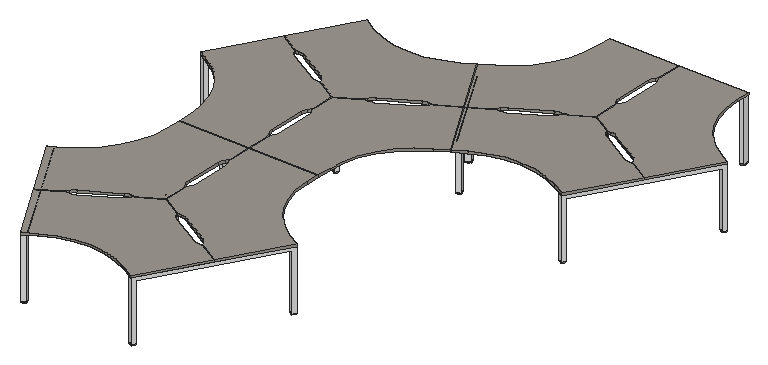
Revit family "120 Degree 9 User Symmetrical Workstation", category Furniture, Revit 2016
Family settings
  OmniClass Number = 23.40.20.00
  OmniClass Title = General Furniture and Specialties
  Work Plane-Based = No
  Always vertical = Yes
  Cut with Voids When Loaded = No
  Shared = No
  Room Calculation Point = No
Parameters
  URL = "www.gof.co.uk"
  Type Comments = ""
  Range = "MESA"
  Product Code = "MESWC1208-9"
  Desktop = Gresham - Nordic Ash
  Model = ""
  Manufacturer = "Gresham Office Furniture"  # constant formula
  Frame = Gresham - Black Metal
  Foot = Gresham - Black Plastic
  Assembly Code = "E2020200"
Reference planes
  plane 1 "Center (Front/Back)": y = 588.013
  plane 2: z = 0
  plane 3 "Center (Left/Right)": x = 0
  plane 4 "Desktop Underside": z = 702
  plane 5 "Foot": z = 10
  plane 6: y = 1788.013
  plane 7: y = -704.808
  plane 8: x = 1439.23
  plane 9: x = -1439.23
Forms (mm)
  Extrusion 1, solid, material "Gresham - Nordic Ash" <- "Desktop"
    sketch origin (-2813.985, 1941.512, 702) x (-1, 0, 0) y (0, -1, 0)
      loop
        line (-3030.492, 1478.5) -> (-2813.985, 1353.5) -> (-2597.479, 1478.5)
        arc (-2597.479, 1478.5) -> (-2568.541, 1501.862) -> (-2548.146, 1532.963) r 120
        arc (-2548.146, 1532.963) -> (-2527.751, 1564.064) -> (-2498.813, 1587.426) r 120
        line (-2498.813, 1587.426) -> (-2134.927, 1797.516)
        arc (-2134.927, 1797.516) -> (-2100.226, 1810.895) -> (-2063.094, 1813.008) r 120
        arc (-2063.094, 1813.008) -> (-2025.963, 1815.12) -> (-1991.261, 1828.5) r 120
        line (-1991.261, 1828.5) -> (-1774.755, 1953.5) -> (-2174.755, 2646.32) -> (-2313.985, 2565.935)
        arc (-2313.985, 2565.935) -> (-2813.985, 2431.961) -> (-3313.985, 2565.935) r 1000
        line (-3313.985, 2565.935) -> (-3453.216, 2646.32) -> (-3853.216, 1953.5) -> (-3636.709, 1828.5)
        arc (-3636.709, 1828.5) -> (-3602.008, 1815.12) -> (-3564.876, 1813.008) r 120
        arc (-3564.876, 1813.008) -> (-3527.745, 1810.895) -> (-3493.043, 1797.516) r 120
        line (-3493.043, 1797.516) -> (-3129.158, 1587.426)
        arc (-3129.158, 1587.426) -> (-3100.22, 1564.064) -> (-3079.825, 1532.963) r 120
        arc (-3079.825, 1532.963) -> (-3059.43, 1501.862) -> (-3030.492, 1478.5) r 120
    from 0 to 25
  Sweep 2, solid, material "Gresham - Black Metal" <- "Frame"
    path in 3D
      loop
        line (-785.104, -327.147, 702) -> (0, 126.132, 702) -> (785.104, -327.147, 702)
    profile origin (-392.552, -100.507, 702) x (-0.5, 0.866025, 0) y (0, 0, 1)
      loop
        line (20, 0) -> (-20, 0) -> (-20, -40) -> (20, -40) -> (20, 0)
  Extrusion 3, solid, material "Gresham - Black Metal" <- "Frame"
    sketch origin (48.06, 60.47, 702) x (-1, 0, 0) y (0, -1, 0)
      loop
        line (28.06, -457.543) -> (68.06, -457.543) -> (68.06, -417.543) -> (28.06, -417.543) -> (28.06, -457.543)
    from -692 to -3
  Extrusion 4, solid, material "Gresham - Black Metal" <- "Frame"
    sketch origin (0, 0, 702) x (-1, 0, 0) y (0, -1, 0)
      loop
        line (8.66, -548.013) -> (47.631, -480.513)
        arc (47.631, -480.513) -> (47.631, -470.513) -> (38.971, -465.513) r 10
        line (38.971, -465.513) -> (-38.971, -465.513)
        arc (-38.971, -465.513) -> (-47.631, -470.513) -> (-47.631, -480.513) r 10
        line (-47.631, -480.513) -> (-8.66, -548.013)
        arc (-8.66, -548.013) -> (0, -553.013) -> (8.66, -548.013) r 10
    from 0 to -3
  Extrusion 5, solid, material "Gresham - Black Plastic" <- "Foot"
    sketch origin (0, 0, 10) x (-1, 0, 0) y (0, -1, 0)
      loop
        line (-20, -518.013) -> (20, -518.013) -> (20, -478.013) -> (-20, -478.013) -> (-20, -518.013)
    from 0 to -5
  Extrusion 6, solid, material "Gresham - Black Plastic" <- "Foot"
    sketch origin (0, 0, 10) x (-1, 0, 0) y (0, -1, 0)
      loop
        circle (0, -498.013) r 18
    from -5 to -10
  Extrusion 7, solid, material "Gresham - Nordic Ash" <- "Desktop"
    sketch origin (2579.158, 2348.246, 702) x (0.5, 0.866025, 0) y (-0.866025, 0.5, 0)
      loop
        line (-3030.492, 1478.5) -> (-2813.985, 1353.5) -> (-2597.479, 1478.5)
        arc (-2597.479, 1478.5) -> (-2568.541, 1501.862) -> (-2548.146, 1532.963) r 120
        arc (-2548.146, 1532.963) -> (-2527.751, 1564.064) -> (-2498.813, 1587.426) r 120
        line (-2498.813, 1587.426) -> (-2134.927, 1797.516)
        arc (-2134.927, 1797.516) -> (-2100.226, 1810.895) -> (-2063.094, 1813.008) r 120
        arc (-2063.094, 1813.008) -> (-2025.963, 1815.12) -> (-1991.261, 1828.5) r 120
        line (-1991.261, 1828.5) -> (-1774.755, 1953.5) -> (-2174.755, 2646.32) -> (-2313.985, 2565.935)
        arc (-2313.985, 2565.935) -> (-2813.985, 2431.961) -> (-3313.985, 2565.935) r 1000
        line (-3313.985, 2565.935) -> (-3453.216, 2646.32) -> (-3853.216, 1953.5) -> (-3636.709, 1828.5)
        arc (-3636.709, 1828.5) -> (-3602.008, 1815.12) -> (-3564.876, 1813.008) r 120
        arc (-3564.876, 1813.008) -> (-3527.745, 1810.895) -> (-3493.043, 1797.516) r 120
        line (-3493.043, 1797.516) -> (-3129.158, 1587.426)
        arc (-3129.158, 1587.426) -> (-3100.22, 1564.064) -> (-3079.825, 1532.963) r 120
        arc (-3079.825, 1532.963) -> (-3059.43, 1501.862) -> (-3030.492, 1478.5) r 120
    from 0 to 25
  Sweep 8, solid, material "Gresham - Black Metal" <- "Frame"
    path in 3D
      loop
        line (-400, 1758.013, 702) -> (-400, 818.953, 702) -> (-1185.104, 365.673, 702)
    profile origin (-400, 1288.483, 702) x (1, 0, 0) y (0, 0, 1)
      loop
        line (20, 0) -> (-20, 0) -> (-20, -40) -> (20, -40) -> (20, 0)
  Extrusion 9, solid, material "Gresham - Black Metal" <- "Frame"
    sketch origin (-480.895, 810.163, 702) x (0.5, 0.866025, 0) y (-0.866025, 0.5, 0)
      loop
        line (28.06, -457.543) -> (68.06, -457.543) -> (68.06, -417.543) -> (28.06, -417.543) -> (28.06, -457.543)
    from -692 to -3
  Extrusion 10, solid, material "Gresham - Black Metal" <- "Frame"
    sketch origin (-509.234, 882.019, 702) x (0.5, 0.866025, 0) y (-0.866025, 0.5, 0)
      loop
        line (8.66, -548.013) -> (47.631, -480.513)
        arc (47.631, -480.513) -> (47.631, -470.513) -> (38.971, -465.513) r 10
        line (38.971, -465.513) -> (-38.971, -465.513)
        arc (-38.971, -465.513) -> (-47.631, -470.513) -> (-47.631, -480.513) r 10
        line (-47.631, -480.513) -> (-8.66, -548.013)
        arc (-8.66, -548.013) -> (0, -553.013) -> (8.66, -548.013) r 10
    from 0 to -3
  Extrusion 11, solid, material "Gresham - Black Plastic" <- "Foot"
    sketch origin (-509.234, 882.019, 10) x (0.5, 0.866025, 0) y (-0.866025, 0.5, 0)
      loop
        line (-20, -518.013) -> (20, -518.013) -> (20, -478.013) -> (-20, -478.013) -> (-20, -518.013)
    from 0 to -5
  Extrusion 12, solid, material "Gresham - Black Plastic" <- "Foot"
    sketch origin (-509.234, 882.019, 10) x (0.5, 0.866025, 0) y (-0.866025, 0.5, 0)
      loop
        circle (0, -498.013) r 18
    from -5 to -10
  Extrusion 13, solid, material "Gresham - Nordic Ash" <- "Desktop"
    sketch origin (234.828, -2525.72, 702) x (0.5, -0.866025, 0) y (0.866025, 0.5, 0)
      loop
        line (-3030.492, 1478.5) -> (-2813.985, 1353.5) -> (-2597.479, 1478.5)
        arc (-2597.479, 1478.5) -> (-2568.541, 1501.862) -> (-2548.146, 1532.963) r 120
        arc (-2548.146, 1532.963) -> (-2527.751, 1564.064) -> (-2498.813, 1587.426) r 120
        line (-2498.813, 1587.426) -> (-2134.927, 1797.516)
        arc (-2134.927, 1797.516) -> (-2100.226, 1810.895) -> (-2063.094, 1813.008) r 120
        arc (-2063.094, 1813.008) -> (-2025.963, 1815.12) -> (-1991.261, 1828.5) r 120
        line (-1991.261, 1828.5) -> (-1774.755, 1953.5) -> (-2174.755, 2646.32) -> (-2313.985, 2565.935)
        arc (-2313.985, 2565.935) -> (-2813.985, 2431.961) -> (-3313.985, 2565.935) r 1000
        line (-3313.985, 2565.935) -> (-3453.216, 2646.32) -> (-3853.216, 1953.5) -> (-3636.709, 1828.5)
        arc (-3636.709, 1828.5) -> (-3602.008, 1815.12) -> (-3564.876, 1813.008) r 120
        arc (-3564.876, 1813.008) -> (-3527.745, 1810.895) -> (-3493.043, 1797.516) r 120
        line (-3493.043, 1797.516) -> (-3129.158, 1587.426)
        arc (-3129.158, 1587.426) -> (-3100.22, 1564.064) -> (-3079.825, 1532.963) r 120
        arc (-3079.825, 1532.963) -> (-3059.43, 1501.862) -> (-3030.492, 1478.5) r 120
    from 0 to 25
  Sweep 14, solid, material "Gresham - Black Metal" <- "Frame"
    path in 3D
      loop
        line (1185.104, 365.673, 702) -> (400, 818.953, 702) -> (400, 1758.013, 702)
    profile origin (792.552, 592.313, 702) x (-0.5, -0.866025, 0) y (0, 0, 1)
      loop
        line (20, 0) -> (-20, 0) -> (-20, -40) -> (20, -40) -> (20, 0)
  Extrusion 15, solid, material "Gresham - Black Metal" <- "Frame"
    sketch origin (432.835, 893.405, 702) x (0.5, -0.866025, 0) y (0.866025, 0.5, 0)
      loop
        line (28.06, -457.543) -> (68.06, -457.543) -> (68.06, -417.543) -> (28.06, -417.543) -> (28.06, -457.543)
    from -692 to -3
  Extrusion 16, solid, material "Gresham - Black Metal" <- "Frame"
    sketch origin (509.234, 882.019, 702) x (0.5, -0.866025, 0) y (0.866025, 0.5, 0)
      loop
        line (8.66, -548.013) -> (47.631, -480.513)
        arc (47.631, -480.513) -> (47.631, -470.513) -> (38.971, -465.513) r 10
        line (38.971, -465.513) -> (-38.971, -465.513)
        arc (-38.971, -465.513) -> (-47.631, -470.513) -> (-47.631, -480.513) r 10
        line (-47.631, -480.513) -> (-8.66, -548.013)
        arc (-8.66, -548.013) -> (0, -553.013) -> (8.66, -548.013) r 10
    from 0 to -3
  Extrusion 17, solid, material "Gresham - Black Plastic" <- "Foot"
    sketch origin (509.234, 882.019, 10) x (0.5, -0.866025, 0) y (0.866025, 0.5, 0)
      loop
        line (-20, -518.013) -> (20, -518.013) -> (20, -478.013) -> (-20, -478.013) -> (-20, -518.013)
    from 0 to -5
  Extrusion 18, solid, material "Gresham - Black Plastic" <- "Foot"
    sketch origin (509.234, 882.019, 10) x (0.5, -0.866025, 0) y (0.866025, 0.5, 0)
      loop
        circle (0, -498.013) r 18
    from -5 to -10
  Extrusion 19, solid, material "Gresham - Nordic Ash" <- "Desktop"
    sketch origin (-2813.985, 1941.512, 702) x (-1, 0, 0) y (0, -1, 0)
      loop
        arc (-3030.492, -1171.5) -> (-3059.43, -1194.863) -> (-3079.825, -1225.964) r 120
        arc (-3079.825, -1225.964) -> (-3100.22, -1257.064) -> (-3129.158, -1280.427) r 120
        line (-3129.158, -1280.427) -> (-3493.043, -1490.516)
        arc (-3493.043, -1490.516) -> (-3527.745, -1503.896) -> (-3564.876, -1506.008) r 120
        arc (-3564.876, -1506.008) -> (-3602.008, -1508.12) -> (-3636.709, -1521.5) r 120
        line (-3636.709, -1521.5) -> (-3853.216, -1646.5) -> (-3453.216, -2339.321) -> (-3313.985, -2258.936)
        arc (-3313.985, -2258.936) -> (-2813.985, -2124.961) -> (-2313.985, -2258.936) r 1000
        line (-2313.985, -2258.936) -> (-2174.755, -2339.321) -> (-1774.755, -1646.5) -> (-1991.261, -1521.5)
        arc (-1991.261, -1521.5) -> (-2025.963, -1508.12) -> (-2063.094, -1506.008) r 120
        arc (-2063.094, -1506.008) -> (-2100.226, -1503.896) -> (-2134.927, -1490.516) r 120
        line (-2134.927, -1490.516) -> (-2498.813, -1280.427)
        arc (-2498.813, -1280.427) -> (-2527.751, -1257.064) -> (-2548.146, -1225.964) r 120
        arc (-2548.146, -1225.964) -> (-2568.541, -1194.863) -> (-2597.479, -1171.5) r 120
        line (-2597.479, -1171.5) -> (-2813.985, -1046.5) -> (-3030.492, -1171.5)
    from 0 to 25
  Sweep 20, solid, material "Gresham - Black Metal" <- "Frame"
    path in 3D
      loop
        line (-785.104, 3903.173, 702) -> (0, 3449.893, 702) -> (813.25, 3919.423, 702)
    profile origin (-392.552, 3676.533, 702) x (0.5, 0.866025, 0) y (0, 0, 1)
      loop
        line (20, 0) -> (-20, 0) -> (-20, -40) -> (20, -40) -> (20, 0)
  Extrusion 21, solid, material "Gresham - Black Metal" <- "Frame"
    sketch origin (48.06, 60.47, 702) x (-1, 0, 0) y (0, -1, 0)
      loop
        line (28.06, -2997.543) -> (28.06, -3037.543) -> (68.06, -3037.543) -> (68.06, -2997.543) -> (28.06, -2997.543)
    from -692 to -3
  Extrusion 22, solid, material "Gresham - Black Metal" <- "Frame"
    sketch origin (0, 0, 702) x (-1, 0, 0) y (0, -1, 0)
      loop
        arc (8.66, -3028.013) -> (0, -3023.013) -> (-8.66, -3028.013) r 10
        line (-8.66, -3028.013) -> (-47.631, -3095.513)
        arc (-47.631, -3095.513) -> (-47.631, -3105.513) -> (-38.971, -3110.513) r 10
        line (-38.971, -3110.513) -> (38.971, -3110.513)
        arc (38.971, -3110.513) -> (47.631, -3105.513) -> (47.631, -3095.513) r 10
        line (47.631, -3095.513) -> (8.66, -3028.013)
    from 0 to -3
  Extrusion 23, solid, material "Gresham - Black Plastic" <- "Foot"
    sketch origin (0, 0, 10) x (-1, 0, 0) y (0, -1, 0)
      loop
        line (-20, -3058.013) -> (-20, -3098.013) -> (20, -3098.013) -> (20, -3058.013) -> (-20, -3058.013)
    from 0 to -5
  Extrusion 24, solid, material "Gresham - Black Plastic" <- "Foot"
    sketch origin (0, 0, 10) x (-1, 0, 0) y (0, -1, 0)
      loop
        circle (0, -3078.013) r 18
    from -5 to -10
  Sweep 25, solid, material "Gresham - Black Metal" <- "Frame"
    path in 3D
      loop
        line (-400, 1818.013, 702) -> (-400, 2757.073, 702) -> (-1185.104, 3210.353, 702)
    profile origin (-400, 2287.543, 702) x (-1, 0, 0) y (0, 0, 1)
      loop
        line (20, 0) -> (-20, 0) -> (-20, -40) -> (20, -40) -> (20, 0)
  Extrusion 26, solid, material "Gresham - Black Metal" <- "Frame"
    sketch origin (-480.895, 810.163, 702) x (0.5, 0.866025, 0) y (-0.866025, 0.5, 0)
      loop
        line (2075.899, 724.778) -> (2041.258, 744.778) -> (2021.258, 710.137) -> (2055.899, 690.137) -> (2075.899, 724.778)
    from -692 to -3
  Extrusion 27, solid, material "Gresham - Black Metal" <- "Frame"
    sketch origin (-509.234, 882.019, 702) x (0.5, 0.866025, 0) y (-0.866025, 0.5, 0)
      loop
        arc (2039.49, 624.487) -> (2048.15, 629.487) -> (2048.15, 639.487) r 10
        line (2048.15, 639.487) -> (2009.179, 706.987)
        arc (2009.179, 706.987) -> (2000.519, 711.987) -> (1991.858, 706.987) r 10
        line (1991.858, 706.987) -> (1952.887, 639.487)
        arc (1952.887, 639.487) -> (1952.887, 629.487) -> (1961.548, 624.487) r 10
        line (1961.548, 624.487) -> (2039.49, 624.487)
    from 0 to -3
  Extrusion 28, solid, material "Gresham - Black Plastic" <- "Foot"
    sketch origin (-509.234, 882.019, 10) x (0.5, 0.866025, 0) y (-0.866025, 0.5, 0)
      loop
        line (2027.839, 664.308) -> (1993.198, 684.308) -> (1973.198, 649.667) -> (2007.839, 629.667) -> (2027.839, 664.308)
    from 0 to -5
  Extrusion 29, solid, material "Gresham - Black Plastic" <- "Foot"
    sketch origin (-509.234, 882.019, 10) x (0.5, 0.866025, 0) y (-0.866025, 0.5, 0)
      loop
        circle (2000.519, 656.987) r 18
    from -5 to -10
  Sweep 30, solid, material "Gresham - Black Metal" <- "Frame"
    path in 3D
      loop
        line (1213.25, 3226.603, 702) -> (400, 2757.073, 702) -> (400, 1818.013, 702)
    profile origin (806.625, 2991.838, 702) x (0.5, -0.866025, 0) y (0, 0, 1)
      loop
        line (20, 0) -> (-20, 0) -> (-20, -40) -> (20, -40) -> (20, 0)
  Extrusion 31, solid, material "Gresham - Black Metal" <- "Frame"
    sketch origin (432.835, 893.405, 702) x (0.5, -0.866025, 0) y (0.866025, 0.5, 0)
      loop
        line (-1959.779, 690.137) -> (-1925.138, 710.137) -> (-1945.138, 744.778) -> (-1979.779, 724.778) -> (-1959.779, 690.137)
    from -692 to -3
  Extrusion 32, solid, material "Gresham - Black Metal" <- "Frame"
    sketch origin (509.234, 882.019, 702) x (0.5, -0.866025, 0) y (0.866025, 0.5, 0)
      loop
        arc (-2048.15, 639.487) -> (-2048.15, 629.487) -> (-2039.49, 624.487) r 10
        line (-2039.49, 624.487) -> (-1961.548, 624.487)
        arc (-1961.548, 624.487) -> (-1952.887, 629.487) -> (-1952.887, 639.487) r 10
        line (-1952.887, 639.487) -> (-1991.858, 706.987)
        arc (-1991.858, 706.987) -> (-2000.519, 711.987) -> (-2009.179, 706.987) r 10
        line (-2009.179, 706.987) -> (-2048.15, 639.487)
    from 0 to -3
  Extrusion 33, solid, material "Gresham - Black Plastic" <- "Foot"
    sketch origin (509.234, 882.019, 10) x (0.5, -0.866025, 0) y (0.866025, 0.5, 0)
      loop
        line (-2007.839, 629.667) -> (-1973.198, 649.667) -> (-1993.198, 684.308) -> (-2027.839, 664.308) -> (-2007.839, 629.667)
    from 0 to -5
  Extrusion 34, solid, material "Gresham - Black Plastic" <- "Foot"
    sketch origin (509.234, 882.019, 10) x (0.5, -0.866025, 0) y (0.866025, 0.5, 0)
      loop
        circle (-2000.519, 656.987) r 18
    from -5 to -10
  Extrusion 35, solid, material "Gresham - Nordic Ash" <- "Desktop"
    sketch origin (-2579.158, 1227.78, 702) x (-0.5, -0.866025, 0) y (0.866025, -0.5, 0)
      loop
        line (-3030.492, 1478.5) -> (-2813.985, 1353.5) -> (-2597.479, 1478.5)
        arc (-2597.479, 1478.5) -> (-2568.541, 1501.862) -> (-2548.146, 1532.963) r 120
        arc (-2548.146, 1532.963) -> (-2527.751, 1564.064) -> (-2498.813, 1587.426) r 120
        line (-2498.813, 1587.426) -> (-2134.927, 1797.516)
        arc (-2134.927, 1797.516) -> (-2100.226, 1810.895) -> (-2063.094, 1813.008) r 120
        arc (-2063.094, 1813.008) -> (-2025.963, 1815.12) -> (-1991.261, 1828.5) r 120
        line (-1991.261, 1828.5) -> (-1774.755, 1953.5) -> (-2174.755, 2646.32) -> (-2313.985, 2565.935)
        arc (-2313.985, 2565.935) -> (-2813.985, 2431.961) -> (-3313.985, 2565.935) r 1000
        line (-3313.985, 2565.935) -> (-3453.216, 2646.32) -> (-3853.216, 1953.5) -> (-3636.709, 1828.5)
        arc (-3636.709, 1828.5) -> (-3602.008, 1815.12) -> (-3564.876, 1813.008) r 120
        arc (-3564.876, 1813.008) -> (-3527.745, 1810.895) -> (-3493.043, 1797.516) r 120
        line (-3493.043, 1797.516) -> (-3129.158, 1587.426)
        arc (-3129.158, 1587.426) -> (-3100.22, 1564.064) -> (-3079.825, 1532.963) r 120
        arc (-3079.825, 1532.963) -> (-3059.43, 1501.862) -> (-3030.492, 1478.5) r 120
    from 0 to 25
  Extrusion 36, solid, material "Gresham - Nordic Ash" <- "Desktop"
    sketch origin (2579.158, 1227.78, 702) x (0.5, -0.866025, 0) y (0.866025, 0.5, 0)
      loop
        arc (-3030.492, -1478.5) -> (-3059.43, -1501.862) -> (-3079.825, -1532.963) r 120
        arc (-3079.825, -1532.963) -> (-3100.22, -1564.064) -> (-3129.158, -1587.426) r 120
        line (-3129.158, -1587.426) -> (-3493.043, -1797.516)
        arc (-3493.043, -1797.516) -> (-3527.745, -1810.895) -> (-3564.876, -1813.008) r 120
        arc (-3564.876, -1813.008) -> (-3602.008, -1815.12) -> (-3636.709, -1828.5) r 120
        line (-3636.709, -1828.5) -> (-3853.216, -1953.5) -> (-3453.216, -2646.32) -> (-3313.985, -2565.935)
        arc (-3313.985, -2565.935) -> (-2813.985, -2431.961) -> (-2313.985, -2565.935) r 1000
        line (-2313.985, -2565.935) -> (-2174.755, -2646.32) -> (-1774.755, -1953.5) -> (-1991.261, -1828.5)
        arc (-1991.261, -1828.5) -> (-2025.963, -1815.12) -> (-2063.094, -1813.008) r 120
        arc (-2063.094, -1813.008) -> (-2100.226, -1810.895) -> (-2134.927, -1797.516) r 120
        line (-2134.927, -1797.516) -> (-2498.813, -1587.426)
        arc (-2498.813, -1587.426) -> (-2527.751, -1564.064) -> (-2548.146, -1532.963) r 120
        arc (-2548.146, -1532.963) -> (-2568.541, -1501.862) -> (-2597.479, -1478.5) r 120
        line (-2597.479, -1478.5) -> (-2813.985, -1353.5) -> (-3030.492, -1478.5)
    from 0 to 25
  Extrusion 37, solid, material "Gresham - Nordic Ash" <- "Desktop"
    sketch origin (-2813.985, 1941.512, 702) x (-1, 0, 0) y (0, -1, 0)
      loop
        line (-4675.94, -2121.5) -> (-4892.446, -2246.5) -> (-4892.446, -2496.5)
        arc (-4892.446, -2496.5) -> (-4886.683, -2533.243) -> (-4869.946, -2566.456) r 120
        arc (-4869.946, -2566.456) -> (-4853.21, -2599.669) -> (-4847.446, -2636.411) r 120
        line (-4847.446, -2636.411) -> (-4847.446, -3056.59)
        arc (-4847.446, -3056.59) -> (-4853.21, -3093.332) -> (-4869.946, -3126.545) r 120
        arc (-4869.946, -3126.545) -> (-4886.683, -3159.758) -> (-4892.446, -3196.5) r 120
        line (-4892.446, -3196.5) -> (-4892.446, -3446.5) -> (-4092.446, -3446.5) -> (-4092.446, -3285.731)
        arc (-4092.446, -3285.731) -> (-3958.472, -2785.731) -> (-3592.446, -2419.705) r 1000
        line (-3592.446, -2419.705) -> (-3453.216, -2339.321) -> (-3853.216, -1646.5) -> (-4069.722, -1771.5)
        arc (-4069.722, -1771.5) -> (-4098.66, -1794.863) -> (-4119.055, -1825.964) r 120
        arc (-4119.055, -1825.964) -> (-4139.45, -1857.064) -> (-4168.388, -1880.427) r 120
        line (-4168.388, -1880.427) -> (-4532.274, -2090.516)
        arc (-4532.274, -2090.516) -> (-4566.975, -2103.896) -> (-4604.107, -2106.008) r 120
        arc (-4604.107, -2106.008) -> (-4641.238, -2108.12) -> (-4675.94, -2121.5) r 120
    from 0 to 25
  Sweep 38, solid, material "Gresham - Black Metal" <- "Frame"
    path in 3D
      loop
        line (1678.461, 5325.513, 702) -> (1678.461, 4418.953, 702) -> (865.211, 3949.423, 702)
    profile origin (1678.461, 4872.233, 702) x (1, 0, 0) y (0, 0, 1)
      loop
        line (20, 0) -> (-20, 0) -> (-20, -40) -> (20, -40) -> (20, 0)
  Extrusion 39, solid, material "Gresham - Black Metal" <- "Frame"
    sketch origin (48.06, 60.47, 702) x (-1, 0, 0) y (0, -1, 0)
      loop
        line (-1925.138, -4145.222) -> (-1945.138, -4145.222) -> (-1945.138, -4165.222) -> (-1925.138, -4165.222) -> (-1925.138, -4145.222)
    from -692 to -3
  Extrusion 40, solid, material "Gresham - Black Metal" <- "Frame"
    sketch origin (0, 0, 702) x (-1, 0, 0) y (0, -1, 0)
      loop
        line (-2048.15, -4175.013) -> (-2009.179, -4242.513)
        arc (-2009.179, -4242.513) -> (-2000.519, -4247.513) -> (-1991.858, -4242.513) r 10
        line (-1991.858, -4242.513) -> (-1952.887, -4242.513)
        arc (-1952.887, -4242.513) -> (-1952.887, -4232.513) -> (-1961.548, -4227.513) r 10
        line (-1961.548, -4227.513) -> (-2039.49, -4160.013)
        arc (-2039.49, -4160.013) -> (-2048.15, -4165.013) -> (-2048.15, -4175.013) r 10
    from 0 to -3
  Extrusion 41, solid, material "Gresham - Black Plastic" <- "Foot"
    sketch origin (0, 0, 10) x (-1, 0, 0) y (0, -1, 0)
      loop
        line (-2007.839, -4240.333) -> (-2027.839, -4240.333) -> (-2027.839, -4260.333) -> (-2007.839, -4260.333) -> (-2007.839, -4240.333)
    from 0 to -5
  Extrusion 42, solid, material "Gresham - Black Plastic" <- "Foot"
    sketch origin (0, 0, 10) x (-1, 0, 0) y (0, -1, 0)
      loop
        circle (-2000.519, -4233.013) r 18
    from -5 to -10
  Sweep 43, solid, material "Gresham - Black Metal" <- "Frame"
    path in 3D
      loop
        line (3263.132, 3965.923, 702) -> (2478.461, 4418.953, 702) -> (2478.461, 5325.513, 702)
    profile origin (2870.796, 4192.438, 702) x (-0.5, -0.866025, 0) y (0, 0, 1)
      loop
        line (20, 0) -> (-20, 0) -> (-20, -40) -> (20, -40) -> (20, 0)
  Extrusion 44, solid, material "Gresham - Black Metal" <- "Frame"
    sketch origin (4204.982, 3515.555, 702) x (-1, 0, 0) y (0, -1, 0)
      loop
        line (2075.899, -724.778) -> (2055.899, -690.137) -> (2021.258, -710.137) -> (2041.258, -744.778) -> (2075.899, -724.778)
    from -692 to -3
  Extrusion 45, solid, material "Gresham - Black Metal" <- "Frame"
    sketch origin (4156.922, 3576.025, 702) x (-1, 0, 0) y (0, -1, 0)
      loop
        line (2039.49, -624.487) -> (1961.548, -624.487)
        arc (1961.548, -624.487) -> (1952.887, -629.487) -> (1952.887, -639.487) r 10
        line (1952.887, -639.487) -> (1991.858, -706.987)
        arc (1991.858, -706.987) -> (2000.519, -711.987) -> (2009.179, -706.987) r 10
        line (2009.179, -706.987) -> (2048.15, -639.487)
        arc (2048.15, -639.487) -> (2048.15, -629.487) -> (2039.49, -624.487) r 10
    from 0 to -3
  Extrusion 46, solid, material "Gresham - Black Plastic" <- "Foot"
    sketch origin (4156.922, 3576.025, 10) x (-1, 0, 0) y (0, -1, 0)
      loop
        line (2027.839, -664.308) -> (2007.839, -629.667) -> (1973.198, -649.667) -> (1993.198, -684.308) -> (2027.839, -664.308)
    from 0 to -5
  Extrusion 47, solid, material "Gresham - Black Plastic" <- "Foot"
    sketch origin (4156.922, 3576.025, 10) x (-1, 0, 0) y (0, -1, 0)
      loop
        circle (2000.519, -656.987) r 18
    from -5 to -10
  Sweep 48, solid, material "Gresham - Black Metal" <- "Frame"
    path in 3D
      loop
        line (1265.211, 3256.603, 702) -> (2078.461, 3726.132, 702) -> (2863.132, 3273.103, 702)
    profile origin (1671.836, 3491.368, 702) x (-0.5, 0.866025, 0) y (0, 0, 1)
      loop
        line (20, 0) -> (-20, 0) -> (-20, -40) -> (20, -40) -> (20, 0)
  Extrusion 49, solid, material "Gresham - Black Metal" <- "Frame"
    sketch origin (3676.027, 2765.862, 702) x (0.5, -0.866025, 0) y (0.866025, 0.5, 0)
      loop
        line (-1959.779, -690.137) -> (-1979.779, -724.778) -> (-1945.138, -744.778) -> (-1925.138, -710.137) -> (-1959.779, -690.137)
    from -692 to -3
  Extrusion 50, solid, material "Gresham - Black Metal" <- "Frame"
    sketch origin (3647.688, 2694.006, 702) x (0.5, -0.866025, 0) y (0.866025, 0.5, 0)
      loop
        line (-2048.15, -639.487) -> (-2009.179, -706.987)
        arc (-2009.179, -706.987) -> (-2000.519, -711.987) -> (-1991.858, -706.987) r 10
        line (-1991.858, -706.987) -> (-1952.887, -639.487)
        arc (-1952.887, -639.487) -> (-1952.887, -629.487) -> (-1961.548, -624.487) r 10
        line (-1961.548, -624.487) -> (-2039.49, -624.487)
        arc (-2039.49, -624.487) -> (-2048.15, -629.487) -> (-2048.15, -639.487) r 10
    from 0 to -3
  Extrusion 51, solid, material "Gresham - Black Plastic" <- "Foot"
    sketch origin (3647.688, 2694.006, 10) x (0.5, -0.866025, 0) y (0.866025, 0.5, 0)
      loop
        line (-2007.839, -629.667) -> (-2027.839, -664.308) -> (-1993.198, -684.308) -> (-1973.198, -649.667) -> (-2007.839, -629.667)
    from 0 to -5
  Extrusion 52, solid, material "Gresham - Black Plastic" <- "Foot"
    sketch origin (3647.688, 2694.006, 10) x (0.5, -0.866025, 0) y (0.866025, 0.5, 0)
      loop
        circle (-2000.519, -656.987) r 18
    from -5 to -10
  Extrusion 53, solid, material "Gresham - Nordic Ash" <- "Desktop"
    sketch origin (4892.446, 5541.512, 702) x (1, 0, 0) y (0, 1, 0)
      loop
        arc (-3030.492, -1478.5) -> (-3059.43, -1501.862) -> (-3079.825, -1532.963) r 120
        arc (-3079.825, -1532.963) -> (-3100.22, -1564.064) -> (-3129.158, -1587.426) r 120
        line (-3129.158, -1587.426) -> (-3493.043, -1797.516)
        arc (-3493.043, -1797.516) -> (-3527.745, -1810.895) -> (-3564.876, -1813.008) r 120
        arc (-3564.876, -1813.008) -> (-3602.008, -1815.12) -> (-3636.709, -1828.5) r 120
        line (-3636.709, -1828.5) -> (-3853.216, -1953.5) -> (-3453.216, -2646.32) -> (-3313.985, -2565.935)
        arc (-3313.985, -2565.935) -> (-2813.985, -2431.961) -> (-2313.985, -2565.935) r 1000
        line (-2313.985, -2565.935) -> (-2174.755, -2646.32) -> (-1774.755, -1953.5) -> (-1991.261, -1828.5)
        arc (-1991.261, -1828.5) -> (-2025.963, -1815.12) -> (-2063.094, -1813.008) r 120
        arc (-2063.094, -1813.008) -> (-2100.226, -1810.895) -> (-2134.927, -1797.516) r 120
        line (-2134.927, -1797.516) -> (-2498.813, -1587.426)
        arc (-2498.813, -1587.426) -> (-2527.751, -1564.064) -> (-2548.146, -1532.963) r 120
        arc (-2548.146, -1532.963) -> (-2568.541, -1501.862) -> (-2597.479, -1478.5) r 120
        line (-2597.479, -1478.5) -> (-2813.985, -1353.5) -> (-3030.492, -1478.5)
    from 0 to 25
  Extrusion 54, solid, material "Gresham - Nordic Ash" <- "Desktop"
    sketch origin (2313.288, 1074.28, 702) x (0.5, -0.866025, 0) y (0.866025, 0.5, 0)
      loop
        line (-3030.492, 1478.5) -> (-2813.985, 1353.5) -> (-2597.479, 1478.5)
        arc (-2597.479, 1478.5) -> (-2568.541, 1501.862) -> (-2548.146, 1532.963) r 120
        arc (-2548.146, 1532.963) -> (-2527.751, 1564.064) -> (-2498.813, 1587.426) r 120
        line (-2498.813, 1587.426) -> (-2134.927, 1797.516)
        arc (-2134.927, 1797.516) -> (-2100.226, 1810.895) -> (-2063.094, 1813.008) r 120
        arc (-2063.094, 1813.008) -> (-2025.963, 1815.12) -> (-1991.261, 1828.5) r 120
        line (-1991.261, 1828.5) -> (-1774.755, 1953.5) -> (-2174.755, 2646.32) -> (-2313.985, 2565.935)
        arc (-2313.985, 2565.935) -> (-2813.985, 2431.961) -> (-3313.985, 2565.935) r 1000
        line (-3313.985, 2565.935) -> (-3453.216, 2646.32) -> (-3853.216, 1953.5) -> (-3636.709, 1828.5)
        arc (-3636.709, 1828.5) -> (-3602.008, 1815.12) -> (-3564.876, 1813.008) r 120
        arc (-3564.876, 1813.008) -> (-3527.745, 1810.895) -> (-3493.043, 1797.516) r 120
        line (-3493.043, 1797.516) -> (-3129.158, 1587.426)
        arc (-3129.158, 1587.426) -> (-3100.22, 1564.064) -> (-3079.825, 1532.963) r 120
        arc (-3079.825, 1532.963) -> (-3059.43, 1501.862) -> (-3030.492, 1478.5) r 120
    from 0 to 25
Lines and regions (mm)
  model lines
    curve 1: line (-785.104, -327.147, 702) -> (0, 126.132, 702)
    curve 2: line (785.104, -327.147, 702) -> (0, 126.132, 702)
    curve 5: line (-400, 1758.013, 702) -> (-400, 818.953, 702)
    curve 6: line (-1185.104, 365.673, 702) -> (-400, 818.953, 702)
    curve 9: line (1185.104, 365.673, 702) -> (400, 818.953, 702)
    curve 10: line (400, 1758.013, 702) -> (400, 818.953, 702)
    curve 13: line (-785.104, 3903.173, 702) -> (0, 3449.893, 702)
    curve 14: line (813.25, 3919.423, 702) -> (0, 3449.893, 702)
    curve 17: line (-400, 1818.013, 702) -> (-400, 2757.073, 702)
    curve 18: line (-1185.104, 3210.353, 702) -> (-400, 2757.073, 702)
    curve 21: line (1213.25, 3226.603, 702) -> (400, 2757.073, 702)
    curve 22: line (400, 1818.013, 702) -> (400, 2757.073, 702)
    curve 25: line (1678.461, 5325.513, 702) -> (1678.461, 4418.953, 702)
    curve 26: line (865.211, 3949.423, 702) -> (1678.461, 4418.953, 702)
    curve 29: line (3263.132, 3965.923, 702) -> (2478.461, 4418.953, 702)
    curve 30: line (2478.461, 5325.513, 702) -> (2478.461, 4418.953, 702)
    curve 33: line (1265.211, 3256.603, 702) -> (2078.461, 3726.132, 702)
    curve 34: line (2863.132, 3273.103, 702) -> (2078.461, 3726.132, 702)
  sketch lines
    curve 3: line (-785.104, -327.147, 702) -> (0, 126.132, 702)
    curve 4: line (785.104, -327.147, 702) -> (0, 126.132, 702)
    curve 7: line (-400, 1758.013, 702) -> (-400, 818.953, 702)
    curve 8: line (-1185.104, 365.673, 702) -> (-400, 818.953, 702)
    curve 11: line (1185.104, 365.673, 702) -> (400, 818.953, 702)
    curve 12: line (400, 1758.013, 702) -> (400, 818.953, 702)
    curve 15: line (-785.104, 3903.173, 702) -> (0, 3449.893, 702)
    curve 16: line (813.25, 3919.423, 702) -> (0, 3449.893, 702)
    curve 19: line (-400, 1818.013, 702) -> (-400, 2757.073, 702)
    curve 20: line (-1185.104, 3210.353, 702) -> (-400, 2757.073, 702)
    curve 23: line (1213.25, 3226.603, 702) -> (400, 2757.073, 702)
    curve 24: line (400, 1818.013, 702) -> (400, 2757.073, 702)
    curve 27: line (1678.461, 5325.513, 702) -> (1678.461, 4418.953, 702)
    curve 28: line (865.211, 3949.423, 702) -> (1678.461, 4418.953, 702)
    curve 31: line (3263.132, 3965.923, 702) -> (2478.461, 4418.953, 702)
    curve 32: line (2478.461, 5325.513, 702) -> (2478.461, 4418.953, 702)
    curve 35: line (1265.211, 3256.603, 702) -> (2078.461, 3726.132, 702)
    curve 36: line (2863.132, 3273.103, 702) -> (2078.461, 3726.132, 702)
Dimensions and locks
  locked: plane 4 "Desktop Underside" to plane 2 at 702
  locked: plane 2 to plane 5 "Foot" at 10
  Extrusion 1 sketch curve to Extrusion 1 sketch curve = 1200 mm  (x2)
  Extrusion 1 sketch curve to Extrusion 1 sketch curve = 800 mm  (x2)
  Extrusion 1 sketch curve to Extrusion 1 sketch curve = 250 mm  (x4)
  Extrusion 1 sketch curve to Extrusion 1 sketch curve = 45 mm  (x2)
  locked: Extrusion 1 to nested 1 at 2.5  (x2)
  locked: Extrusion 1 to nested 2 at 2.5  (x2)
  Sweep 2 sketch curve to Extrusion 1 = 40 mm
  Sweep 2 sketch curve to Sweep 2 sketch curve = 40 mm
  nested 2 to level = 10 mm
  Extrusion 7 sketch curve to Extrusion 7 sketch curve = 1200 mm  (x2)
  Extrusion 7 sketch curve to Extrusion 7 sketch curve = 800 mm  (x2)
  Extrusion 7 sketch curve to Extrusion 7 sketch curve = 250 mm  (x4)
  Extrusion 7 sketch curve to Extrusion 7 sketch curve = 45 mm  (x2)
  Sweep 8 sketch curve to Extrusion 7 = 40 mm
  Sweep 8 sketch curve to Sweep 8 sketch curve = 40 mm
  Extrusion 13 sketch curve to Extrusion 13 sketch curve = 1200 mm  (x2)
  Extrusion 13 sketch curve to Extrusion 13 sketch curve = 800 mm  (x2)
  Extrusion 13 sketch curve to Extrusion 13 sketch curve = 250 mm  (x4)
  Extrusion 13 sketch curve to Extrusion 13 sketch curve = 45 mm  (x2)
  Sweep 14 sketch curve to Extrusion 13 = 40 mm
  Sweep 14 sketch curve to Sweep 14 sketch curve = 40 mm
  plane 7 to plane 1 "Center (Front/Back)" to plane 6 = 1292.82 mm, 1200 mm
  plane 7 to plane 6 = 2492.82 mm
  equal spacing: plane 9, plane 3 "Center (Left/Right)", plane 8
  plane 9 to plane 8 = 2878.461 mm
  Extrusion 19 sketch curve to Extrusion 19 sketch curve = 1200 mm  (x2)
  Extrusion 19 sketch curve to Extrusion 19 sketch curve = 800 mm  (x2)
  Extrusion 19 sketch curve to Extrusion 19 sketch curve = 250 mm  (x4)
  Extrusion 19 sketch curve to Extrusion 19 sketch curve = 45 mm  (x2)
  locked: Extrusion 19 to nested 3 at 2.5  (x2)
  Sweep 20 sketch curve to Extrusion 19 = 40 mm
  Sweep 20 sketch curve to Sweep 20 sketch curve = 40 mm
  Sweep 25 sketch curve to Sweep 25 sketch curve = 40 mm
  Sweep 30 sketch curve to Sweep 30 sketch curve = 40 mm
  Extrusion 35 sketch curve to Extrusion 35 sketch curve = 1200 mm  (x2)
  Extrusion 35 sketch curve to Extrusion 35 sketch curve = 800 mm  (x2)
  Extrusion 35 sketch curve to Extrusion 35 sketch curve = 250 mm  (x4)
  Extrusion 35 sketch curve to Extrusion 35 sketch curve = 45 mm  (x2)
  Extrusion 36 sketch curve to Extrusion 36 sketch curve = 1200 mm  (x2)
  Extrusion 36 sketch curve to Extrusion 36 sketch curve = 800 mm  (x2)
  Extrusion 36 sketch curve to Extrusion 36 sketch curve = 250 mm  (x4)
  Extrusion 36 sketch curve to Extrusion 36 sketch curve = 45 mm  (x2)
  Extrusion 7 to nested 4 = 152.5 mm
  nested 4 to Extrusion 13 = 152.5 mm
  Extrusion 37 sketch curve to Extrusion 37 sketch curve = 1200 mm  (x2)
  Extrusion 37 sketch curve to Extrusion 37 sketch curve = 800 mm  (x2)
  Extrusion 37 sketch curve to Extrusion 37 sketch curve = 250 mm  (x4)
  Extrusion 37 sketch curve to Extrusion 37 sketch curve = 45 mm  (x2)
  locked: Extrusion 37 to nested 5 at 2.5  (x2)
  Sweep 38 sketch curve to Extrusion 37 = 40 mm
  Sweep 38 sketch curve to Sweep 38 sketch curve = 40 mm
  Sweep 43 sketch curve to Sweep 43 sketch curve = 40 mm
  Sweep 48 sketch curve to Sweep 48 sketch curve = 40 mm
  Extrusion 53 sketch curve to Extrusion 53 sketch curve = 1200 mm  (x2)
  Extrusion 53 sketch curve to Extrusion 53 sketch curve = 800 mm  (x2)
  Extrusion 53 sketch curve to Extrusion 53 sketch curve = 250 mm  (x4)
  Extrusion 53 sketch curve to Extrusion 53 sketch curve = 45 mm  (x2)
  Extrusion 54 sketch curve to Extrusion 54 sketch curve = 1200 mm  (x2)
  Extrusion 54 sketch curve to Extrusion 54 sketch curve = 800 mm  (x2)
  Extrusion 54 sketch curve to Extrusion 54 sketch curve = 250 mm  (x4)
  Extrusion 54 sketch curve to Extrusion 54 sketch curve = 45 mm  (x2)
  locked: Extrusion 53 to nested 6 at 2.5
  locked: Extrusion 53 to nested 6 at 3
  locked: Extrusion 54 to nested 6 at 2.5
  radius of Extrusion 6 sketch curve = 18 mm
  radius of Extrusion 12 sketch curve = 18 mm
  radius of Extrusion 18 sketch curve = 18 mm
  radius of Extrusion 24 sketch curve = 18 mm
  radius of Extrusion 29 sketch curve = 18 mm
  radius of Extrusion 34 sketch curve = 18 mm
  radius of Extrusion 42 sketch curve = 18 mm
  radius of Extrusion 47 sketch curve = 18 mm
  radius of Extrusion 52 sketch curve = 18 mm
  aligned and locked: level to plane 2
  aligned and locked: Extrusion 3 to Extrusion 4
  aligned and locked: Extrusion 6 to Extrusion 5
  aligned and locked: Extrusion 9 to Extrusion 10
  aligned and locked: Extrusion 12 to Extrusion 11
  aligned and locked: Extrusion 15 to Extrusion 16
  aligned and locked: Extrusion 18 to Extrusion 17
  aligned and locked: Extrusion 22 to Extrusion 21
  aligned and locked: Extrusion 23 to Extrusion 24
  aligned and locked: Extrusion 27 to Extrusion 26
  aligned and locked: Extrusion 28 to Extrusion 29
  aligned and locked: Extrusion 32 to Extrusion 31
  aligned and locked: Extrusion 33 to Extrusion 34
  aligned and locked: Extrusion 39 to Extrusion 40
  aligned and locked: Extrusion 42 to Extrusion 41
  aligned and locked: Extrusion 44 to Extrusion 45
  aligned and locked: Extrusion 47 to Extrusion 46
  aligned and locked: Extrusion 49 to Extrusion 50
  aligned and locked: Extrusion 52 to Extrusion 51
Automatic sketch dimensions
  Extrusion 19 sketch curve to Extrusion 19 sketch curve = 216.506 mm  (x2)
  Extrusion 19 sketch curve to Extrusion 19 sketch curve = 60 mm  (x8)
  Extrusion 19 sketch curve to Extrusion 19 sketch curve = 83.666 mm
  Extrusion 19 sketch curve to Extrusion 19 sketch curve = 139.23 mm  (x2)
  Extrusion 19 sketch curve to Extrusion 19 sketch curve = 363.885 mm
  Extrusion 19 sketch curve to Extrusion 19 sketch curve = 98.666 mm  (x2)
  Extrusion 19 sketch curve to Extrusion 19 sketch curve = 500 mm
  Extrusion 19 sketch curve to Extrusion 19 sketch curve = 156.506 mm
  Extrusion 19 sketch curve to Extrusion 19 sketch curve = 184.827 mm
  Extrusion 19 sketch curve to Extrusion 19 sketch curve = 143.666 mm
  Extrusion 19 sketch curve to Extrusion 19 sketch curve = 785.641 mm
  Extrusion 19 sketch curve to Extrusion 19 sketch curve = 103.923 mm  (x8)
  Sweep 20 sketch curve to profile plane = 0 mm
  profile plane to Sweep 20 sketch curve = 20 mm
  Extrusion 21 sketch curve to Extrusion 21 sketch curve = 40 mm  (x2)
  Extrusion 22 sketch curve to Extrusion 22 sketch curve = 8.66 mm  (x4)
  Extrusion 22 sketch curve to Extrusion 22 sketch curve = 38.971 mm  (x2)
  Extrusion 22 sketch curve to Extrusion 22 sketch curve = 10 mm  (x2)
  Extrusion 22 sketch curve to Extrusion 22 sketch curve = 67.5 mm
  Extrusion 22 sketch curve to Extrusion 22 sketch curve = 5 mm
  Extrusion 23 sketch curve to Extrusion 23 sketch curve = 40 mm  (x2)
  Extrusion 1 sketch curve to Extrusion 1 sketch curve = 216.506 mm  (x2)
  Extrusion 1 sketch curve to Extrusion 1 sketch curve = 60 mm  (x8)
  Extrusion 1 sketch curve to Extrusion 1 sketch curve = 83.666 mm
  Extrusion 1 sketch curve to Extrusion 1 sketch curve = 139.23 mm  (x2)
  Extrusion 1 sketch curve to Extrusion 1 sketch curve = 363.885 mm
  Extrusion 1 sketch curve to Extrusion 1 sketch curve = 98.666 mm  (x2)
  Extrusion 1 sketch curve to Extrusion 1 sketch curve = 500 mm
  Extrusion 1 sketch curve to Extrusion 1 sketch curve = 156.506 mm
  Extrusion 1 sketch curve to Extrusion 1 sketch curve = 184.827 mm
  Extrusion 1 sketch curve to Extrusion 1 sketch curve = 143.666 mm
  Extrusion 1 sketch curve to Extrusion 1 sketch curve = 785.641 mm
  Extrusion 1 sketch curve to Extrusion 1 sketch curve = 103.923 mm  (x8)
  Sweep 2 sketch curve to profile plane = 0 mm
  profile plane to Sweep 2 sketch curve = 20 mm
  Extrusion 3 sketch curve to Extrusion 3 sketch curve = 40 mm  (x2)
  Extrusion 4 sketch curve to Extrusion 4 sketch curve = 8.66 mm  (x4)
  Extrusion 4 sketch curve to Extrusion 4 sketch curve = 38.971 mm  (x2)
  Extrusion 4 sketch curve to Extrusion 4 sketch curve = 10 mm  (x2)
  Extrusion 4 sketch curve to Extrusion 4 sketch curve = 67.5 mm
  Extrusion 4 sketch curve to Extrusion 4 sketch curve = 5 mm
  Extrusion 5 sketch curve to Extrusion 5 sketch curve = 40 mm  (x2)
  Extrusion 37 sketch curve to Extrusion 37 sketch curve = 216.506 mm  (x2)
  Extrusion 37 sketch curve to Extrusion 37 sketch curve = 60 mm  (x4)
  Extrusion 37 sketch curve to Extrusion 37 sketch curve = 158.666 mm
  Extrusion 37 sketch curve to Extrusion 37 sketch curve = 139.23 mm
  Extrusion 37 sketch curve to Extrusion 37 sketch curve = 363.885 mm
  Extrusion 37 sketch curve to Extrusion 37 sketch curve = 143.666 mm
  Extrusion 37 sketch curve to Extrusion 37 sketch curve = 500 mm
  Extrusion 37 sketch curve to Extrusion 37 sketch curve = 120 mm  (x4)
  Extrusion 37 sketch curve to Extrusion 37 sketch curve = 45 mm
  Extrusion 37 sketch curve to Extrusion 37 sketch curve = 103.923 mm  (x4)
  Sweep 38 sketch curve to profile plane = 0 mm
  profile plane to Sweep 38 sketch curve = 20 mm
  Extrusion 39 sketch curve to Extrusion 39 sketch curve = 20 mm  (x2)
  Extrusion 40 sketch curve to Extrusion 40 sketch curve = 8.66 mm  (x4)
  Extrusion 40 sketch curve to Extrusion 40 sketch curve = 77.942 mm
  Extrusion 40 sketch curve to Extrusion 40 sketch curve = 38.971 mm
  Extrusion 40 sketch curve to Extrusion 40 sketch curve = 5 mm  (x2)
  Extrusion 40 sketch curve to Extrusion 40 sketch curve = 67.5 mm
  Extrusion 40 sketch curve to Extrusion 40 sketch curve = 10 mm
  Extrusion 41 sketch curve to Extrusion 41 sketch curve = 20 mm  (x2)
  Extrusion 7 sketch curve to plane 9 = 0 mm
  plane 1 "Center (Front/Back)" to Extrusion 7 sketch curve = 0 mm
  Extrusion 7 sketch curve to plane 3 "Center (Left/Right)" = 0 mm  (x3)
  plane 6 to Extrusion 7 sketch curve = 0 mm
  Extrusion 7 sketch curve to Extrusion 7 sketch curve = 156.506 mm
  Extrusion 7 sketch curve to Extrusion 7 sketch curve = 98.666 mm  (x2)
  Extrusion 7 sketch curve to Extrusion 7 sketch curve = 60 mm  (x8)
  Extrusion 7 sketch curve to Extrusion 7 sketch curve = 103.923 mm  (x8)
  Extrusion 7 sketch curve to Extrusion 7 sketch curve = 866.025 mm
  Sweep 8 sketch curve to profile plane = 0 mm
  profile plane to Sweep 8 sketch curve = 20 mm
  Extrusion 9 sketch curve to plane 1 "Center (Front/Back)" = 37.679 mm
  Extrusion 9 sketch curve to Extrusion 9 sketch curve = 40 mm  (x2)
  Extrusion 10 sketch curve to plane 1 "Center (Front/Back)" = 12.5 mm
  Extrusion 10 sketch curve to Extrusion 10 sketch curve = 8.66 mm  (x4)
  Extrusion 10 sketch curve to Extrusion 10 sketch curve = 38.971 mm
  Extrusion 10 sketch curve to Extrusion 10 sketch curve = 77.942 mm
  Extrusion 10 sketch curve to Extrusion 10 sketch curve = 5 mm  (x2)
  Extrusion 11 sketch curve to plane 1 "Center (Front/Back)" = 17.679 mm
  Extrusion 11 sketch curve to Extrusion 11 sketch curve = 40 mm  (x2)
  Extrusion 12 sketch curve to plane 1 "Center (Front/Back)" = 45 mm
  Extrusion 13 sketch curve to plane 3 "Center (Left/Right)" = 0 mm  (x4)
  plane 6 to Extrusion 13 sketch curve = 0 mm
  Extrusion 13 sketch curve to plane 8 = 0 mm
  Extrusion 13 sketch curve to Extrusion 13 sketch curve = 60 mm  (x8)
  Extrusion 13 sketch curve to Extrusion 13 sketch curve = 83.666 mm
  Extrusion 13 sketch curve to Extrusion 13 sketch curve = 139.23 mm  (x2)
  Extrusion 13 sketch curve to Extrusion 13 sketch curve = 158.666 mm
  Extrusion 13 sketch curve to Extrusion 13 sketch curve = 156.506 mm
  Extrusion 13 sketch curve to Extrusion 13 sketch curve = 98.666 mm
  Extrusion 13 sketch curve to Extrusion 13 sketch curve = 143.666 mm
  Extrusion 13 sketch curve to Extrusion 13 sketch curve = 103.923 mm  (x8)
  Extrusion 13 sketch curve to Extrusion 13 sketch curve = 866.025 mm
  profile plane to Sweep 14 sketch curve = 0 mm
  profile plane to Sweep 14 sketch curve = 20 mm
  Extrusion 15 sketch curve to plane 1 "Center (Front/Back)" = 72.321 mm
  plane 3 "Center (Left/Right)" to Extrusion 15 sketch curve = 85.263 mm
  Extrusion 15 sketch curve to Extrusion 15 sketch curve = 40 mm  (x2)
  plane 3 "Center (Left/Right)" to Extrusion 16 sketch curve = 69.282 mm
  Extrusion 16 sketch curve to plane 1 "Center (Front/Back)" = 95 mm
  Extrusion 16 sketch curve to Extrusion 16 sketch curve = 8.66 mm  (x4)
  Extrusion 16 sketch curve to Extrusion 16 sketch curve = 38.971 mm
  Extrusion 16 sketch curve to Extrusion 16 sketch curve = 77.942 mm
  Extrusion 16 sketch curve to Extrusion 16 sketch curve = 62.5 mm
  Extrusion 16 sketch curve to Extrusion 16 sketch curve = 5 mm  (x2)
  Extrusion 16 sketch curve to Extrusion 16 sketch curve = 67.5 mm
  plane 3 "Center (Left/Right)" to Extrusion 17 sketch curve = 50.622 mm
  Extrusion 17 sketch curve to plane 1 "Center (Front/Back)" = 52.321 mm
  Extrusion 17 sketch curve to Extrusion 17 sketch curve = 40 mm  (x2)
  Extrusion 18 sketch curve to plane 1 "Center (Front/Back)" = 45 mm
  plane 3 "Center (Left/Right)" to Extrusion 18 sketch curve = 77.942 mm
  Sweep 25 sketch curve to profile plane = 0 mm
  profile plane to Sweep 25 sketch curve = 20 mm
  Sweep 25 sketch curve to Sweep 25 sketch curve = 40 mm
  Extrusion 26 sketch curve to plane 3 "Center (Left/Right)" = 85.263 mm
  Extrusion 26 sketch curve to Extrusion 26 sketch curve = 20 mm  (x2)
  Extrusion 27 sketch curve to plane 3 "Center (Left/Right)" = 86.603 mm
  Extrusion 27 sketch curve to Extrusion 27 sketch curve = 8.66 mm  (x4)
  Extrusion 27 sketch curve to Extrusion 27 sketch curve = 38.971 mm
  Extrusion 27 sketch curve to Extrusion 27 sketch curve = 77.942 mm
  Extrusion 27 sketch curve to Extrusion 27 sketch curve = 5 mm  (x2)
  Extrusion 28 sketch curve to plane 3 "Center (Left/Right)" = 85.263 mm
  Extrusion 28 sketch curve to Extrusion 28 sketch curve = 20 mm  (x2)
  Extrusion 29 sketch curve to plane 3 "Center (Left/Right)" = 77.942 mm
  Sweep 30 sketch curve to profile plane = 0 mm
  profile plane to Sweep 30 sketch curve = 20 mm
  Sweep 30 sketch curve to Sweep 30 sketch curve = 40 mm
  plane 3 "Center (Left/Right)" to Extrusion 31 sketch curve = 70.622 mm
  Extrusion 31 sketch curve to plane 6 = 1182.321 mm
  Extrusion 31 sketch curve to Extrusion 31 sketch curve = 20 mm
  Extrusion 31 sketch curve to Extrusion 31 sketch curve = 34.641 mm
  Extrusion 31 sketch curve to Extrusion 31 sketch curve = 14.641 mm
  plane 3 "Center (Left/Right)" to Extrusion 32 sketch curve = 38.971 mm
  Extrusion 32 sketch curve to plane 6 = 1187.5 mm
  Extrusion 32 sketch curve to Extrusion 32 sketch curve = 8.66 mm  (x4)
  Extrusion 32 sketch curve to Extrusion 32 sketch curve = 38.971 mm  (x2)
  Extrusion 32 sketch curve to Extrusion 32 sketch curve = 5 mm  (x3)
  Extrusion 32 sketch curve to Extrusion 32 sketch curve = 67.5 mm
  plane 3 "Center (Left/Right)" to Extrusion 33 sketch curve = 70.622 mm
  Extrusion 33 sketch curve to plane 6 = 1182.321 mm
  Extrusion 33 sketch curve to Extrusion 33 sketch curve = 20 mm
  Extrusion 33 sketch curve to Extrusion 33 sketch curve = 34.641 mm
  Extrusion 33 sketch curve to Extrusion 33 sketch curve = 14.641 mm
  plane 3 "Center (Left/Right)" to Extrusion 34 sketch curve = 77.942 mm
  Extrusion 34 sketch curve to plane 6 = 1155 mm
  Extrusion 35 sketch curve to plane 8 = 0 mm
  Extrusion 35 sketch curve to plane 3 "Center (Left/Right)" = 0 mm  (x4)
  plane 6 to Extrusion 35 sketch curve = 0 mm
  Extrusion 35 sketch curve to Extrusion 35 sketch curve = 156.506 mm
  Extrusion 35 sketch curve to Extrusion 35 sketch curve = 98.666 mm  (x2)
  Extrusion 35 sketch curve to Extrusion 35 sketch curve = 60 mm  (x8)
  Extrusion 35 sketch curve to Extrusion 35 sketch curve = 103.923 mm  (x8)
  Extrusion 36 sketch curve to plane 9 = 0 mm
  Extrusion 36 sketch curve to plane 3 "Center (Left/Right)" = 0 mm  (x4)
  plane 6 to Extrusion 36 sketch curve = 0 mm
  Extrusion 36 sketch curve to Extrusion 36 sketch curve = 156.506 mm
  Extrusion 36 sketch curve to Extrusion 36 sketch curve = 60 mm  (x8)
  Extrusion 36 sketch curve to Extrusion 36 sketch curve = 98.666 mm  (x2)
  Extrusion 36 sketch curve to Extrusion 36 sketch curve = 184.827 mm
  Extrusion 36 sketch curve to Extrusion 36 sketch curve = 139.23 mm  (x2)
  Extrusion 36 sketch curve to Extrusion 36 sketch curve = 143.666 mm  (x2)
  Extrusion 36 sketch curve to Extrusion 36 sketch curve = 103.923 mm  (x8)
  Extrusion 36 sketch curve to Extrusion 36 sketch curve = 866.025 mm
  profile plane to Sweep 43 sketch curve = 0 mm
  profile plane to Sweep 43 sketch curve = 20 mm
  Sweep 43 sketch curve to Sweep 43 sketch curve = 40 mm
  plane 8 to Extrusion 44 sketch curve = 744.493 mm
  Extrusion 44 sketch curve to Extrusion 44 sketch curve = 20 mm  (x2)
  Extrusion 44 sketch curve to Extrusion 44 sketch curve = 34.641 mm
  Extrusion 44 sketch curve to plane 1 "Center (Front/Back)" = 3672.321 mm
  plane 8 to Extrusion 45 sketch curve = 764.804 mm
  Extrusion 45 sketch curve to Extrusion 45 sketch curve = 8.66 mm  (x4)
  Extrusion 45 sketch curve to Extrusion 45 sketch curve = 38.971 mm
  Extrusion 45 sketch curve to Extrusion 45 sketch curve = 77.942 mm
  Extrusion 45 sketch curve to plane 6 = 2495 mm
  Extrusion 45 sketch curve to Extrusion 45 sketch curve = 5 mm  (x2)
  Extrusion 45 sketch curve to Extrusion 45 sketch curve = 67.5 mm  (x2)
  plane 8 to Extrusion 46 sketch curve = 744.493 mm
  Extrusion 46 sketch curve to Extrusion 46 sketch curve = 20 mm  (x2)
  Extrusion 46 sketch curve to Extrusion 46 sketch curve = 34.641 mm
  Extrusion 46 sketch curve to plane 1 "Center (Front/Back)" = 3672.321 mm
  plane 8 to Extrusion 47 sketch curve = 717.173 mm
  Extrusion 47 sketch curve to plane 6 = 2445 mm
  profile plane to Sweep 48 sketch curve = 0 mm
  profile plane to Sweep 48 sketch curve = 20 mm
  Sweep 48 sketch curve to Sweep 48 sketch curve = 40 mm
  Extrusion 49 sketch curve to plane 8 = 619.23 mm
  Extrusion 49 sketch curve to Extrusion 49 sketch curve = 20 mm
  Extrusion 49 sketch curve to Extrusion 49 sketch curve = 34.641 mm
  Extrusion 49 sketch curve to Extrusion 49 sketch curve = 14.641 mm
  Extrusion 50 sketch curve to plane 8 = 630.57 mm
  Extrusion 50 sketch curve to Extrusion 50 sketch curve = 8.66 mm  (x4)
  Extrusion 50 sketch curve to Extrusion 50 sketch curve = 38.971 mm  (x2)
  Extrusion 50 sketch curve to Extrusion 50 sketch curve = 5 mm  (x3)
  Extrusion 50 sketch curve to Extrusion 50 sketch curve = 67.5 mm
  Extrusion 51 sketch curve to plane 8 = 619.23 mm
  Extrusion 51 sketch curve to Extrusion 51 sketch curve = 20 mm
  Extrusion 51 sketch curve to Extrusion 51 sketch curve = 34.641 mm
  Extrusion 51 sketch curve to Extrusion 51 sketch curve = 14.641 mm
  Extrusion 52 sketch curve to plane 8 = 639.23 mm
  Extrusion 53 sketch curve to plane 8 = 0 mm
  plane 8 to Extrusion 53 sketch curve = 39.827 mm
  plane 8 to Extrusion 53 sketch curve = 99.827 mm
  plane 8 to Extrusion 53 sketch curve = 123.494 mm
  Extrusion 53 sketch curve to Extrusion 53 sketch curve = 60 mm  (x7)
  Extrusion 53 sketch curve to plane 8 = 139.23 mm
  Extrusion 53 sketch curve to plane 8 = 264.058 mm
  Extrusion 53 sketch curve to Extrusion 53 sketch curve = 98.666 mm  (x2)
  Extrusion 53 sketch curve to Extrusion 53 sketch curve = 216.506 mm
  plane 6 to Extrusion 53 sketch curve = 321.539 mm
  Extrusion 53 sketch curve to plane 8 = 639.23 mm
  Extrusion 53 sketch curve to Extrusion 53 sketch curve = 156.506 mm
  Extrusion 53 sketch curve to Extrusion 53 sketch curve = 139.23 mm
  Extrusion 53 sketch curve to Extrusion 53 sketch curve = 143.666 mm
  Extrusion 53 sketch curve to Extrusion 53 sketch curve = 103.923 mm  (x8)
  plane 8 to Extrusion 54 sketch curve = 639.23 mm
  Extrusion 54 sketch curve to Extrusion 54 sketch curve = 216.506 mm
  Extrusion 54 sketch curve to Extrusion 54 sketch curve = 60 mm  (x8)
  Extrusion 54 sketch curve to Extrusion 54 sketch curve = 83.666 mm
  Extrusion 54 sketch curve to Extrusion 54 sketch curve = 139.23 mm  (x2)
  Extrusion 54 sketch curve to Extrusion 54 sketch curve = 375.173 mm
  Extrusion 54 sketch curve to Extrusion 54 sketch curve = 98.666 mm  (x2)
  Extrusion 54 sketch curve to Extrusion 54 sketch curve = 500 mm
  Extrusion 54 sketch curve to Extrusion 54 sketch curve = 156.506 mm
  Extrusion 54 sketch curve to Extrusion 54 sketch curve = 143.666 mm
  Extrusion 54 sketch curve to Extrusion 54 sketch curve = 103.923 mm  (x8)
  Extrusion 54 sketch curve to Extrusion 54 sketch curve = 866.025 mm
  Extrusion 7 sketch curve to Extrusion 7 sketch curve = 184.827 mm
  Extrusion 7 sketch curve to Extrusion 7 sketch curve = 139.23 mm  (x2)
  Extrusion 7 sketch curve to Extrusion 7 sketch curve = 143.666 mm  (x2)
  Extrusion 9 sketch curve to plane 3 "Center (Left/Right)" = 105.263 mm
  Extrusion 10 sketch curve to plane 3 "Center (Left/Right)" = 116.913 mm
  Extrusion 10 sketch curve to Extrusion 10 sketch curve = 62.5 mm
  Extrusion 10 sketch curve to Extrusion 10 sketch curve = 67.5 mm
  Extrusion 11 sketch curve to plane 3 "Center (Left/Right)" = 70.622 mm
  Extrusion 12 sketch curve to plane 3 "Center (Left/Right)" = 77.942 mm
  Extrusion 13 sketch curve to Extrusion 13 sketch curve = 500 mm
  Extrusion 26 sketch curve to plane 6 = 1127.679 mm
  Extrusion 26 sketch curve to Extrusion 26 sketch curve = 34.641 mm
  Extrusion 27 sketch curve to plane 6 = 1105 mm
  Extrusion 27 sketch curve to Extrusion 27 sketch curve = 10 mm
  Extrusion 27 sketch curve to Extrusion 27 sketch curve = 67.5 mm
  Extrusion 28 sketch curve to plane 6 = 1127.679 mm
  Extrusion 28 sketch curve to Extrusion 28 sketch curve = 34.641 mm
  Extrusion 29 sketch curve to plane 6 = 1155 mm
  Extrusion 35 sketch curve to Extrusion 35 sketch curve = 184.827 mm
  Extrusion 35 sketch curve to Extrusion 35 sketch curve = 139.23 mm  (x2)
  Extrusion 35 sketch curve to Extrusion 35 sketch curve = 143.666 mm  (x2)
  Extrusion 35 sketch curve to Extrusion 35 sketch curve = 866.025 mm
  plane 6 to Extrusion 49 sketch curve = 2330 mm
  plane 6 to Extrusion 50 sketch curve = 2360 mm
  plane 6 to Extrusion 51 sketch curve = 2330 mm
  plane 6 to Extrusion 52 sketch curve = 2310 mm
  Extrusion 53 sketch curve to Extrusion 53 sketch curve = 184.827 mm
  Extrusion 53 sketch curve to Extrusion 53 sketch curve = 785.641 mm
  Extrusion 54 sketch curve to plane 6 = 3600 mm
  Extrusion 54 sketch curve to Extrusion 54 sketch curve = 363.885 mm
  Extrusion 54 sketch curve to Extrusion 54 sketch curve = 184.827 mm
  Extrusion 19 sketch curve to plane 3 "Center (Left/Right)" = 0 mm
  Extrusion 19 sketch curve to plane 6 = 3278.461 mm
  plane 3 "Center (Left/Right)" to Extrusion 21 sketch curve = 20 mm
  Extrusion 21 sketch curve to plane 6 = 1310 mm
  Extrusion 22 sketch curve to plane 3 "Center (Left/Right)" = 0 mm
  Extrusion 22 sketch curve to plane 6 = 1322.5 mm
  plane 3 "Center (Left/Right)" to Extrusion 23 sketch curve = 20 mm
  Extrusion 23 sketch curve to plane 6 = 1310 mm
  Extrusion 24 sketch curve to plane 3 "Center (Left/Right)" = 0 mm
  Extrusion 24 sketch curve to plane 6 = 1290 mm
  plane 8 to Extrusion 37 sketch curve = 714.23 mm
  Extrusion 37 sketch curve to plane 6 = 3600 mm
  Extrusion 37 sketch curve to Extrusion 37 sketch curve = 139.911 mm  (x2)
  plane 8 to Extrusion 39 sketch curve = 553.968 mm
  Extrusion 39 sketch curve to plane 6 = 2437.679 mm
  plane 8 to Extrusion 40 sketch curve = 608.92 mm
  Extrusion 40 sketch curve to plane 6 = 2454.5 mm
  plane 8 to Extrusion 41 sketch curve = 588.609 mm
  Extrusion 41 sketch curve to plane 6 = 2472.321 mm
  plane 8 to Extrusion 42 sketch curve = 561.288 mm
  Extrusion 42 sketch curve to plane 6 = 2445 mm
  curve 13 to plane 3 "Center (Left/Right)" = 0 mm
  curve 5 to plane 1 "Center (Front/Back)" = 230.94 mm
  curve 5 to plane 3 "Center (Left/Right)" = 400 mm
  curve 5 to curve 17 = 1678.461 mm
  curve 17 to curve 13 = 800 mm
  curve 13 to curve 26 = 1678.461 mm
  curve 25 to curve 29 = 400 mm
  curve 29 to curve 13 = 1661.88 mm
  curve 29 to curve 25 = 692.82 mm
  curve 17 to curve 13 = 0 mm
  curve 6 to curve 5 = 785.104 mm
  curve 5 to curve 5 = 813.25 mm
  curve 5 to curve 17 = 51.962 mm
  curve 13 to curve 14 = 813.25 mm
  curve 14 to curve 26 = 51.962 mm
  curve 25 to curve 25 = 785.104 mm
  curve 25 to curve 30 = 400 mm
  curve 29 to curve 30 = 453.28 mm
  curve 29 to curve 29 = 906.06 mm
  curve 5 to curve 6 = 453.28 mm
  curve 30 to curve 25 = 692.82 mm
  curve 5 to curve 5 = 469.53 mm
